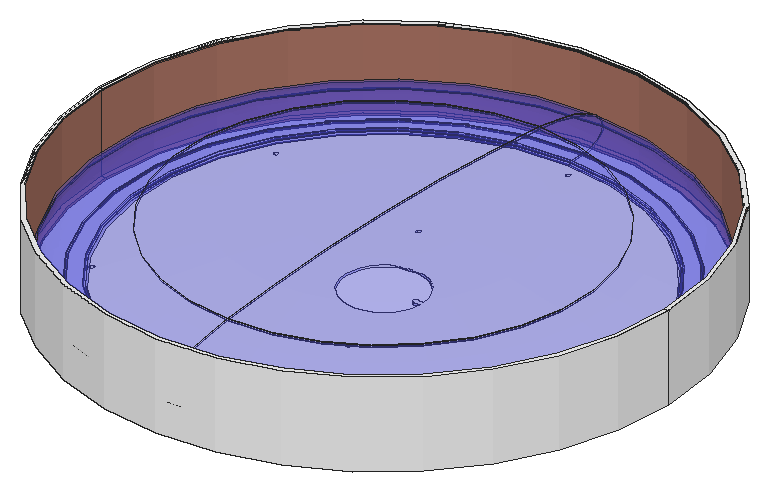
Revit family "BE_50795.6_de_DE", category Leuchten, Revit 2020
Family settings
  Basisbauteil = Fläche
  Bemaßung runder Anschluss = Durchmesser verwenden
  Teiletyp = Normal
  Beim Laden mit Abzugskörper schneiden = Ja
  Lichtquelle = Ja
  Gemeinsam genutzt = Nein
  Raumberechnungspunkt = Ja
Parameters (values of type "BEGA_50795.6_K3")
  built-in parameter 1150104 = 15.525 (stored number, unit not read)
  Wattage = 121.6 W
  Default Elevation = 0 mm
  built-in parameter 1150113 = 1 (stored number, unit not read)
  built-in parameter 1114218 = 1 (stored number, unit not read)
  Umgebungstemperatur = "25 °C"
  URL = "https://www.bega.com/de/produkt/50795.6"
  Typenkommentare = "© 2022 BEGA. Wir behalten uns das Recht vor, technische Änderungen ohne vorherige Ankündigung vorzunehmen."  # constant formula
  built-in parameter 1150134 = (empty or 0)
  built-in parameter 1150109 = 1 (stored number, unit not read)
  Strom = ""
  built-in parameter 1150110 = 1 (stored number, unit not read)
  Spannung = 239.996 V
  Sonderanfertigung = no
  Seriennummer [instance] = "Hier können Sie die eindeutige Seriennummer für das Facility Management eintragen."
  Schutzklasse = "I"
  Schutzart = "IP 20"
  Scheinlast = 0 VA
  Produktdatenblatt = "https://cdn.bega.com/bega/products/50795.6K3/current/documents/data-sheets/de"
  Oberflächentemperatur = ""
  Neigungswinkel = 0.00°
  Modell = "50795.6K3"
  Material_34 = BEGA_Oberfläche_Samtweiss_matt
  Material_29 = BEGA_Oberfläche_Kupfer_matt
  Material_22 = BEGA_Oberfläche_Aluminium_matt
  Material_14 = BEGA_Kunststoff_opal
  M_W = no
  M_G = no
  M_A = no
  Logo = 0
  built-in parameter 1114217 = 1 (stored number, unit not read)
  built-in parameter 1150139 = (empty or 0)
  built-in parameter 1150105 = 1617.1 (stored number, unit not read)
  built-in parameter 1150114 = 1 (stored number, unit not read)
  Lumens = 20320.6 lm
  built-in parameter 1150115 = 1 (stored number, unit not read)
  Leuchtenlichtstrom = "15250 lm"
  Leuchtenanzahl = ""
  Lebensdauerkriterien = "L70B50 @ 25 °C = 200000 h"
  Lastklassifizierung = Beleuchtung
  built-in parameter 1150112 = 1 (stored number, unit not read)
  Lampenlichtstrom = "20320 lm"
  Lampe = "LED 121.6 W"
  LED_Modulbezeichnung = "8 x LED-0690/930"
  Hersteller = "BEGA"  # constant formula
  Halbstreuwinkel = ""
  Gewicht = "57.4 kg"
  Gebrauchslageneinschränkung [instance] = ""
  Frequenz = "0/50-60 Hz"
  Farbwiedergabeindex = "CRI > 90"
  Farbtemperaturverschiebung bei Dämpfen der Lampe = <Keine Auswahl>
  Farbtemperatur = "3000 K"
  Color Filter = 16777215
  built-in parameter 1150133 = 10 (stored number, unit not read)
  Energieeffizienzklasse = "LED A++ - A"
  built-in parameter 1150137 = (empty or 0)
  built-in parameter 1150132 = (empty or 0)
  ENEC = "ja"
  Dimmbar [instance] = "DALI"
  Datei für fotometrisches Netz = "BE_50795-6K3.IES"
  CE_Konformität = "ja"
  Bestellnummer = "50795.6K3"
  Beschreibung_Sonderanfertigung = "Hier können Sie Informationen zur Sonderanfertigung eintragen."
  Beschreibung = "Großflächen-Deckenleuchte"
  built-in parameter 1150106 = 16.171 (stored number, unit not read)
  Befestigungsbohrung = "Ø 10 mm"
  Befestigungsabstand = ""
  Ballwurfsicher = ""
  BEGA_Intern_aus = yes
  BEGA_Intern_an = yes
  BEGA_Intern_Konstruktion = yes
  BEGA_Intern = yes
  BEGA_IES = yes
  BEGA_Dummy = no
  Anschlussleitung = ""
  Anschlussleistung [instance] = "134 W"
  Anschlusskasten = ""
  built-in parameter 1150107 = 3000 (stored number, unit not read)
  built-in parameter 1150102 = (empty or 0)
  built-in parameter 1150138 = (empty or 0)
  Aktualisierung = "2022-11-02T04:00:05"
  Abstand_zur_angestrahlten_Fläche [instance] = ""
  AC/DC = "AC/DC"
Reference planes
  plane 1 "Mitte (Vorne/Hinten)": y = 0
  plane 2: z = 0
  plane 3 "Mitte (Links/Rechts)": x = 0
  plane 4 "Links": x = -674.115
  plane 5 "Rechts": x = 671.902
  plane 6 "Unten": y = -672.992
  plane 7 "Oben": y = 673.003
  plane 8 "Vorne": z = 202
Forms (mm)
  Extrusion 1, solid, material "BEGA_Platte_Weiss"
    sketch origin (0, -1119.2, 0) x (1, 0, 0) y (0, 1, 0)
      loop
        line (-200, 1319.2) -> (-200, 919.2) -> (200, 919.2) -> (200, 1319.2) -> (-200, 1319.2)
    from 0 to -10
  Extrusion 2, solid, material "BEGA_Dummy_matt", visible <- "BEGA_Dummy"
    sketch origin (77.149, -76.023, 0) x (1, 0, 0) y (0, 1, 0)
      loop
        circle (-77.149, 76.023) r 673
    from 0 to 202
Dimensions and locks
  plane 1 "Mitte (Vorne/Hinten)" to Extrusion 1 = 200 mm
  aligned and locked: plane 2 to Extrusion 1
  aligned and locked: level to Extrusion 1
Nested families
  nested 1: "BE_50795.6_Leuchte" at (0, 0, 0), type "BE_50795.6_Leuchte"
Connectors
  electrical at (0, 0, 0), driven by "Lastklassifizierung", driven by "Spannung", driven by "Scheinlast"
    settings: index 1, voltage 239.996 V, apparent load 0 VA, apparent load phase1 0 VA, apparent load phase2 0 VA, apparent load phase3 0 VA, power factor 1, load classification "Beleuchtung", number of poles 1, system type 31, power factor state 1, is connector primary yes, connector utility no, sub classification motor no, connector description ""
Definition of nested family "BE_50795.6_Leuchte"
  Parameters (values of type "BE_50795.6_Leuchte")
    Default Elevation = 1 mm
    URL = "http://www.bega.de/de/produkt"
    Type Comments = "© 2015 BEGA. Wir behalten uns das Recht vor, technische Änderungen ohne vorherige Ankündigung vorzunehmen. "  # constant formula
    Type Image = (empty or 0)
    Material_34 = none
    Material_29 = none
    Material_22 = none
    Material_14 = none
    Länge_Platte = 1500 mm  # constant formula
    Höhe_Platte = -10 mm  # constant formula
    Manufacturer = "BEGA"  # constant formula
    Breite_Platte = 1500 mm  # constant formula
  Reference planes
    plane 1 "Mitte (Oben/Unten)": y = 0
    plane 2: z = 0
    plane 3 "Mitte (Links/Rechts)": x = 0
    plane 4: z = 202
    plane 5: y = -672.992
    plane 6: y = 673.003
    plane 7: x = 673.009
    plane 8: x = -673.008
  Forms (mm)
    Extrusion 1, solid, detail levels medium
      sketch origin (0, 0, 0) x (1, 0, 0) y (0, 1, 0)
        loop
          line (-750, 750) -> (-750, -750) -> (750, -750) -> (750, 750) -> (-750, 750)
      from 0 to -10 <- "Höhe_Platte"
    Extrusion 2, solid, material <- "Material_22"
      sketch origin (0, 0, 0) x (1, 0, 0) y (0, 1, 0)
        loop
          circle (0, 0) r 668
        loop
          arc (89.8, 6) -> (-90, 0) -> (89.8, -6) r 90
          line (89.8, -6) -> (76, -6)
          arc (76, -6) -> (70, 0) -> (76, 6) r 6
          line (76, 6) -> (89.8, 6)
        loop
          circle (-471.984, -272.5) r 5
        loop
          circle (-471.984, 272.5) r 5
        loop
          circle (0, -545) r 5
        loop
          circle (471.984, -272.5) r 5
        loop
          circle (471.984, 272.5) r 5
        loop
          circle (0, 545) r 5
        loop
          circle (-84.286, 208.616) r 5
        loop
          circle (84.286, -208.616) r 5
      from 7 to 11
    Extrusion 3, solid, material <- "Material_22"
      sketch origin (0, 0, 0) x (1, 0, 0) y (0, 1, 0)
        loop
          circle (-471.984, 272.5) r 9.85
        loop
          circle (-471.984, 272.5) r 5
        loop
          circle (-471.984, -272.5) r 9.85
        loop
          circle (-471.984, -272.5) r 5
        loop
          circle (0, -545) r 9.85
        loop
          circle (0, -545) r 5
        loop
          circle (84.286, -208.616) r 9.85
        loop
          circle (84.286, -208.616) r 5
        loop
          circle (471.984, -272.5) r 9.85
        loop
          circle (471.984, -272.5) r 5
        loop
          circle (471.984, 272.5) r 9.85
        loop
          circle (471.984, 272.5) r 5
        loop
          circle (-84.286, 208.616) r 9.85
        loop
          circle (-84.286, 208.616) r 5
        loop
          circle (0, 545) r 9.85
        loop
          circle (0, 545) r 5
      from 0 to 10.359
    Revolve 4, solid, material <- "Material_34"
      sketch origin (0, 0, 0) x (1, 0, 0) y (0, 0, 1)
        loop
          line (671, 2) -> (673, 2) -> (673, 202) -> (664, 202) -> (664, 200.25) -> (671, 200.25) -> (671, 2)
        axis (0, 2) -> (0, 202)
      angle from 0 to 360
    Revolve 5, solid, material <- "Material_29"
      sketch origin (0, 0, 0) x (1, 0, 0) y (0, 0, 1)
        loop
          line (671, 2) -> (671, 200.25) -> (664, 200.25) -> (664, 198.5) -> (669, 198.5) -> (669, 15) -> (655.7, 15) -> (655.7, 11) -> (669, 11) -> (669, 2) -> (671, 2)
        axis (0, 2) -> (0, 200.25)
      angle from 0 to 360
    Revolve 6, solid, material <- "Material_14"
      sketch origin (0, 0, 0) x (0, 1, 0) y (0, 0, 1)
        loop
          line (555.484, 35.05) -> (587.672, 35.05)
          arc (587.672, 35.05) -> (588.431, 34.9) -> (589.077, 34.473) r 2
          line (589.077, 34.473) -> (590.328, 33.222)
          arc (590.328, 33.222) -> (591.89, 32.256) -> (593.719, 32.09) r 4
          spline (593.719, 32.09) -> (601.631, 33.537) -> (609.2, 35.411) -> (616.337, 37.693) -> (622.961, 40.354) -> (628.997, 43.366) -> (634.375, 46.693) -> (639.035, 50.297) -> (642.922, 54.138) -> (645.992, 58.171) -> (648.21, 62.35) -> (649.551, 66.627) -> (650, 70.954)
          spline (650, 70.954) -> (648.553, 79.671) -> (644.225, 88.227) -> (637.053, 96.549) -> (627.099, 104.567) -> (614.446, 112.212) -> (599.202, 119.419) -> (581.498, 126.126) -> (561.484, 132.277) -> (539.331, 137.819) -> (515.226, 142.706) -> (489.376, 146.894) -> (462, 150.35)
          spline (462, 150.35) -> (429.051, 153.759) -> (394.897, 156.891) -> (359.593, 159.74) -> (323.195, 162.301) -> (285.762, 164.571) -> (247.355, 166.546) -> (208.034, 168.222) -> (167.864, 169.597) -> (126.909, 170.669) -> (85.235, 171.436) -> (42.91, 171.896) -> (0, 172.05)
          line (0, 172.05) -> (0, 167.75)
          spline (0, 167.75) -> (42.87, 167.596) -> (85.157, 167.136) -> (126.792, 166.37) -> (167.709, 165.299) -> (207.841, 163.926) -> (247.124, 162.251) -> (285.493, 160.279) -> (322.888, 158.012) -> (359.248, 155.453) -> (394.514, 152.608) -> (428.63, 149.48) -> (461.54, 146.074)
          spline (461.54, 146.074) -> (488.773, 142.638) -> (514.464, 138.474) -> (538.389, 133.623) -> (560.339, 128.133) -> (580.114, 122.056) -> (597.532, 115.457) -> (612.425, 108.414) -> (624.651, 101.033) -> (634.086, 93.439) -> (640.673, 85.807) -> (644.476, 78.308) -> (645.702, 70.954)
          spline (645.702, 70.954) -> (645.345, 67.51) -> (644.252, 64.034) -> (642.388, 60.524) -> (639.717, 57.018) -> (636.239, 53.58) -> (631.972, 50.28) -> (626.961, 47.183) -> (621.27, 44.342) -> (614.971, 41.806) -> (608.136, 39.62) -> (600.854, 37.814) -> (593.217, 36.414)
          line (593.217, 36.414) -> (592.11, 37.521)
          arc (592.11, 37.521) -> (590.126, 38.852) -> (587.789, 39.349) r 6.3
          line (587.789, 39.349) -> (555.479, 39.349)
          arc (555.479, 39.349) -> (552.32, 38.5) -> (550.013, 36.181) r 6.298
          line (550.013, 36.181) -> (546.477, 30.05) -> (551.442, 30.05) -> (553.751, 34.05)
          arc (553.751, 34.05) -> (554.484, 34.782) -> (555.484, 35.05) r 2
        axis (0, 172.05) -> (0, 30.05)
      angle from 0 to 360
  Cuts and joins
    joined: Extrusion 2, Extrusion 3
  Dimensions and locks
    equal spacing: Extrusion 1 sketch curve, plane 3 "Mitte (Links/Rechts)", Extrusion 1 sketch curve
    equal spacing: Extrusion 1 sketch curve, plane 1 "Mitte (Oben/Unten)", Extrusion 1 sketch curve
    "Länge_Platte": Extrusion 1 sketch curve to Extrusion 1 sketch curve
    "Breite_Platte": Extrusion 1 sketch curve to Extrusion 1 sketch curve
    plane 1 "Mitte (Oben/Unten)" to Extrusion 1 = 750 mm  (x3)
    aligned and locked: Extrusion 1 to plane 2
    aligned and locked: level to Extrusion 1
  Automatic sketch dimensions
    Extrusion 2 sketch curve to Extrusion 2 sketch curve = 0 mm  (x3)
    plane 1 "Mitte (Oben/Unten)" to Extrusion 2 sketch curve = 0 mm  (x2)
    Extrusion 2 sketch curve to plane 3 "Mitte (Links/Rechts)" = 0 mm  (x3)
    plane 1 "Mitte (Oben/Unten)" to Extrusion 2 sketch curve = 6 mm
    Extrusion 2 sketch curve to Extrusion 2 sketch curve = 13.8 mm
    Extrusion 2 sketch curve to plane 3 "Mitte (Links/Rechts)" = 84.286 mm
    Extrusion 2 sketch curve to plane 3 "Mitte (Links/Rechts)" = 471.984 mm
    Extrusion 2 sketch curve to Extrusion 2 sketch curve = 387.697 mm  (x2)
    plane 3 "Mitte (Links/Rechts)" to Extrusion 2 sketch curve = 84.286 mm
    Extrusion 2 sketch curve to Extrusion 2 sketch curve = 382.184 mm
    Extrusion 2 sketch curve to Extrusion 2 sketch curve = 202.616 mm
    plane 1 "Mitte (Oben/Unten)" to Extrusion 2 sketch curve = 272.5 mm  (x2)
    Extrusion 2 sketch curve to Extrusion 2 sketch curve = 336.384 mm  (x2)
    Extrusion 2 sketch curve to plane 1 "Mitte (Oben/Unten)" = 208.616 mm
    Extrusion 2 sketch curve to plane 1 "Mitte (Oben/Unten)" = 272.5 mm  (x2)
    plane 3 "Mitte (Links/Rechts)" to Extrusion 2 sketch curve = 76 mm
    Extrusion 3 sketch curve to Extrusion 3 sketch curve = 0 mm  (x20)
    Extrusion 3 sketch curve to plane 3 "Mitte (Links/Rechts)" = 471.984 mm  (x2)
    Extrusion 3 sketch curve to plane 1 "Mitte (Oben/Unten)" = 272.5 mm  (x2)
    Extrusion 3 sketch curve to Extrusion 3 sketch curve = 5 mm  (x6)
    plane 1 "Mitte (Oben/Unten)" to Extrusion 3 sketch curve = 272.5 mm  (x2)
    Extrusion 3 sketch curve to plane 3 "Mitte (Links/Rechts)" = 0 mm  (x2)
    Extrusion 3 sketch curve to Extrusion 3 sketch curve = 272.5 mm
    Extrusion 3 sketch curve to plane 3 "Mitte (Links/Rechts)" = 5 mm  (x2)
    plane 3 "Mitte (Links/Rechts)" to Extrusion 3 sketch curve = 84.286 mm
    plane 1 "Mitte (Oben/Unten)" to Extrusion 3 sketch curve = 208.616 mm
    Extrusion 3 sketch curve to Extrusion 3 sketch curve = 382.697 mm
    plane 3 "Mitte (Links/Rechts)" to Extrusion 3 sketch curve = 471.984 mm
    Extrusion 3 sketch curve to plane 3 "Mitte (Links/Rechts)" = 84.286 mm
    Extrusion 3 sketch curve to plane 1 "Mitte (Oben/Unten)" = 208.616 mm
    Extrusion 3 sketch curve to Extrusion 3 sketch curve = 336.384 mm
    level to Revolve 4 sketch curve = 200.25 mm
    plane 3 "Mitte (Links/Rechts)" to Revolve 4 sketch curve = 664 mm
    level to Revolve 4 sketch curve = 2 mm
    Revolve 4 sketch curve to Revolve 4 sketch curve = 7 mm
    Revolve 4 sketch curve to Revolve 4 sketch curve = 1.75 mm
    Revolve 4 sketch curve to Revolve 4 sketch curve = 2 mm
    level to Revolve 5 sketch curve = 15 mm
    plane 3 "Mitte (Links/Rechts)" to Revolve 5 sketch curve = 655.7 mm
    Revolve 5 sketch curve to Revolve 5 sketch curve = 5 mm
    Revolve 5 sketch curve to Revolve 5 sketch curve = 0 mm
    Revolve 5 sketch curve to Revolve 5 sketch curve = 4 mm
    level to Revolve 5 sketch curve = 2 mm
    Revolve 5 sketch curve to Revolve 5 sketch curve = 183.5 mm
    Revolve 5 sketch curve to Revolve 5 sketch curve = 2 mm
    Revolve 5 sketch curve to Revolve 5 sketch curve = 8.3 mm
    Revolve 5 sketch curve to Revolve 5 sketch curve = 1.75 mm
    level to Revolve 6 sketch curve = 33.05 mm
    Revolve 6 sketch curve to Revolve 6 sketch curve = 2 mm
    Revolve 6 sketch curve to Revolve 6 sketch curve = 1.732 mm
    level to Revolve 6 sketch curve = 34.05 mm
    Revolve 6 sketch curve to Revolve 6 sketch curve = 0 mm  (x5)
    level to Revolve 6 sketch curve = 30.05 mm
    Revolve 6 sketch curve to Revolve 6 sketch curve = 2.309 mm
    Revolve 6 sketch curve to Revolve 6 sketch curve = 32.188 mm
    Revolve 6 sketch curve to Revolve 6 sketch curve = 4.965 mm
    Revolve 6 sketch curve to Revolve 6 sketch curve = 3.738 mm
    Revolve 6 sketch curve to Revolve 6 sketch curve = 0.005 mm
    Revolve 6 sketch curve to Revolve 6 sketch curve = 0.001 mm
    Revolve 6 sketch curve to Revolve 6 sketch curve = 0.117 mm
    Revolve 6 sketch curve to Revolve 6 sketch curve = 4.471 mm
    Revolve 6 sketch curve to Revolve 6 sketch curve = 4.321 mm
    level to Revolve 6 sketch curve = 36.414 mm
    Revolve 6 sketch curve to Revolve 6 sketch curve = 1.107 mm
    level to Revolve 6 sketch curve = 34.473 mm
    Revolve 6 sketch curve to Revolve 6 sketch curve = 1.405 mm
    Revolve 6 sketch curve to Revolve 6 sketch curve = 0.06 mm
    Revolve 6 sketch curve to Revolve 6 sketch curve = 0.365 mm
    level to Revolve 6 sketch curve = 33.222 mm
    Revolve 6 sketch curve to Revolve 6 sketch curve = 1.252 mm
    Revolve 6 sketch curve to Revolve 6 sketch curve = 3.39 mm
    Revolve 6 sketch curve to Revolve 6 sketch curve = 1.132 mm
    Revolve 6 sketch curve to Revolve 6 sketch curve = 88.013 mm
    level to Revolve 6 sketch curve = 60.767 mm
    Revolve 6 sketch curve to Revolve 6 sketch curve = 151.836 mm
    Revolve 6 sketch curve to Revolve 6 sketch curve = 16.021 mm
    Revolve 6 sketch curve to Revolve 6 sketch curve = 56.769 mm
    Revolve 6 sketch curve to Revolve 6 sketch curve = 0.014 mm
    Revolve 6 sketch curve to Revolve 6 sketch curve = 0.862 mm
    Revolve 6 sketch curve to level = 18.816 mm
    plane 1 "Mitte (Oben/Unten)" to Revolve 6 sketch curve = 319.744 mm
    level to Revolve 6 sketch curve = 37.024 mm
    level to Revolve 6 sketch curve = 167.75 mm
    Revolve 6 sketch curve to Revolve 6 sketch curve = 1.167 mm
    Revolve 6 sketch curve to Revolve 6 sketch curve = 0.46 mm
    Revolve 6 sketch curve to Revolve 6 sketch curve = 1.367 mm
    Revolve 6 sketch curve to Revolve 6 sketch curve = 3.63 mm
    Revolve 6 sketch curve to Revolve 6 sketch curve = 4.276 mm
    Revolve 6 sketch curve to plane 1 "Mitte (Oben/Unten)" = 0 mm  (x2)
    level to Revolve 6 sketch curve = 70.954 mm
    Revolve 6 sketch curve to Revolve 6 sketch curve = 4.298 mm
    Revolve 6 sketch curve to level = 609.6 mm
    Revolve 6 sketch curve to Revolve 6 sketch curve = 2171.757 mm
    radius of Extrusion 2 sketch curve = 668 mm
    radius of Extrusion 2 sketch curve = 5 mm  (x8)
    radius of Extrusion 3 sketch curve = 9.85 mm  (x8)
